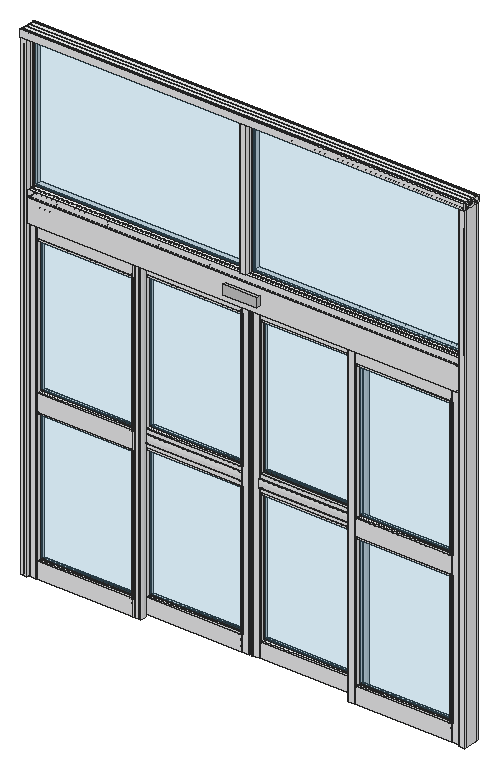
Revit family "2-5-16_Sliding-Door_TX9200SL_Bipart-Outside-Slide-w-Transom-O-SX-SX-O-w-Elec-Lock-Flush-Mnt-Exit-Panic-HW_Tormax", category Doors, host Wall, Revit 2026 (continued)
Automatic sketch dimensions
  Sweep 4 sketch curve to Sweep 4 sketch curve = 0' - 0.09038"
  Sweep 4 sketch curve to Sweep 4 sketch curve = 0' - 0.10049"  (x2)
  Sweep 4 sketch curve to Sweep 4 sketch curve = 0' - 0.137"
  Sweep 4 sketch curve to Sweep 4 sketch curve = 0' - 0.12489"  (x2)
  Sweep 4 sketch curve to Sweep 4 sketch curve = 0' - 0.1522"  (x2)
  Sweep 4 sketch curve to Sweep 4 sketch curve = 0' - 0.72471"  (x2)
  Sweep 4 sketch curve to Sweep 4 sketch curve = 0' - 0.01209"  (x2)
  Sweep 4 sketch curve to Sweep 4 sketch curve = 0' - 0.04643"  (x2)
  Sweep 4 sketch curve to Sweep 4 sketch curve = 0' - 0.05307"  (x2)
  Sweep 4 sketch curve to Sweep 4 sketch curve = 0' - 0.05852"  (x2)
  Sweep 4 sketch curve to Sweep 4 sketch curve = 0' - 0.04545"
  Sweep 4 sketch curve to Sweep 4 sketch curve = 0' - 0.04168"  (x3)
  Sweep 4 sketch curve to Sweep 4 sketch curve = 0' - 0.05619"
  Sweep 4 sketch curve to Sweep 4 sketch curve = 0' - 0.01074"
  Sweep 4 sketch curve to Sweep 4 sketch curve = 0' - 0"  (x3)
  Sweep 4 sketch curve to Sweep 4 sketch curve = 0' - 0.03079"  (x3)
  Sweep 4 sketch curve to Sweep 4 sketch curve = 0' - 0.01009"  (x2)
  Sweep 4 sketch curve to Sweep 4 sketch curve = 0' - 0.02159"
  Sweep 4 sketch curve to Sweep 4 sketch curve = 0' - 0.00194"  (x4)
  Sweep 4 sketch curve to Sweep 4 sketch curve = 0' - 0.0189"  (x4)
  Sweep 4 sketch curve to Sweep 4 sketch curve = 0' - 0.4818"
  Sweep 4 sketch curve to Sweep 4 sketch curve = 0' - 0.10192"  (x2)
  Sweep 4 sketch curve to Sweep 4 sketch curve = 0' - 0.09364"
  Sweep 4 sketch curve to Sweep 4 sketch curve = 0' - 0.36106"
  Sweep 4 sketch curve to Sweep 4 sketch curve = 0' - 0.35983"
  Sweep 4 sketch curve to Sweep 4 sketch curve = 0' - 0.03645"
  Sweep 4 sketch curve to Sweep 4 sketch curve = 0' - 0.03522"
  Sweep 4 sketch curve to Sweep 4 sketch curve = 0' - 0.06528"  (x3)
  Sweep 4 sketch curve to Sweep 4 sketch curve = 0' - 0.10172"
  Sweep 4 sketch curve to Sweep 4 sketch curve = 0' - 0.12477"  (x3)
  Sweep 4 sketch curve to Sweep 4 sketch curve = 0' - 0.04004"  (x2)
  Sweep 4 sketch curve to Sweep 4 sketch curve = 0' - 0.04199"  (x2)
  Sweep 4 sketch curve to Sweep 4 sketch curve = 0' - 0.09257"
  Sweep 4 sketch curve to Sweep 4 sketch curve = 0' - 0.09452"
  Sweep 4 sketch curve to Sweep 4 sketch curve = 0' - 0.12648"  (x2)
  Sweep 4 sketch curve to Sweep 4 sketch curve = 0' - 0.50765"
  Sweep 4 sketch curve to Sweep 4 sketch curve = 0' - 0.0074"
  Sweep 4 sketch curve to Sweep 4 sketch curve = 0' - 0.37695"  (x2)
  Sweep 4 sketch curve to Sweep 4 sketch curve = 0' - 0.01222"  (x2)
  Sweep 4 sketch curve to Sweep 4 sketch curve = 0' - 0.13085"  (x2)
  Sweep 4 sketch curve to Sweep 4 sketch curve = 0' - 0.03235"  (x2)
  Sweep 4 sketch curve to Sweep 4 sketch curve = 0' - 0.12472"  (x2)
  Sweep 4 sketch curve to Sweep 4 sketch curve = 0' - 0.04088"
  Sweep 4 sketch curve to Sweep 4 sketch curve = 0' - 0.13043"
  Sweep 5 sketch curve to plane 1 "Center (Front/Back)" = 0' - 0.72205"  (x2)
  Sweep 5 sketch curve to Sweep 5 sketch curve = 0' - 0.15082"  (x4)
  Sweep 5 sketch curve to Sweep 5 sketch curve = 0' - 0.06396"  (x4)
  plane 1 "Center (Front/Back)" to Sweep 5 sketch curve = 0' - 0.50727"  (x2)
  Sweep 5 sketch curve to Sweep 5 sketch curve = 0' - 0.05846"  (x3)
  Sweep 5 sketch curve to Sweep 5 sketch curve = 0' - 0"  (x3)
  Sweep 5 sketch curve to Sweep 5 sketch curve = 0' - 0.26615"  (x4)
  Sweep 6 sketch curve to plane 16 = 0' - 0"
  plane 17 to Sweep 6 sketch curve = 0' - 0"
  plane 1 "Center (Front/Back)" to Sweep 6 sketch curve = 0' - 1.93279"
  Sweep 6 sketch curve to profile plane = 0' - 6.37515"
  Sweep 6 sketch curve to Sweep 6 sketch curve = 0' - 0.02177"
  plane 1 "Center (Front/Back)" to Sweep 6 sketch curve = 0' - 2.09711"
  Sweep 6 sketch curve to Sweep 6 sketch curve = 0' - 0.01885"
  plane 1 "Center (Front/Back)" to Sweep 6 sketch curve = 0' - 1.99896"
  Sweep 6 sketch curve to Sweep 6 sketch curve = 0' - 0.05666"
  Sweep 6 sketch curve to Sweep 6 sketch curve = 0' - 0.01279"
  Sweep 6 sketch curve to Sweep 6 sketch curve = 0' - 0.01477"
  plane 1 "Center (Front/Back)" to Sweep 6 sketch curve = 0' - 1.80795"
  Sweep 6 sketch curve to Sweep 6 sketch curve = 0' - 0.12485"
  Sweep 6 sketch curve to Sweep 6 sketch curve = 0' - 0 1/8"  (x7)
  Sweep 6 sketch curve to Sweep 6 sketch curve = 0' - 0"  (x5)
  Sweep 6 sketch curve to Sweep 6 sketch curve = 0' - 0.29648"
  Sweep 6 sketch curve to Sweep 6 sketch curve = 0' - 0.12586"
  Sweep 6 sketch curve to Sweep 6 sketch curve = 0' - 0.17216"
  Sweep 6 sketch curve to Sweep 6 sketch curve = 0' - 0.62563"
  Sweep 6 sketch curve to Sweep 6 sketch curve = 0' - 0.15607"
  Sweep 6 sketch curve to Sweep 6 sketch curve = 0' - 0.03666"
  Sweep 6 sketch curve to plane 1 "Center (Front/Back)" = 0' - 0.5574"
  Sweep 6 sketch curve to Sweep 6 sketch curve = 0' - 0.4288"  (x2)
  plane 1 "Center (Front/Back)" to Sweep 6 sketch curve = 0' - 0.5574"
  plane 1 "Center (Front/Back)" to Sweep 6 sketch curve = 0' - 0.70193"
  Sweep 6 sketch curve to Sweep 6 sketch curve = 0' - 0.04334"  (x2)
  Sweep 6 sketch curve to plane 1 "Center (Front/Back)" = 0' - 0.70193"
  Sweep 6 sketch curve to Sweep 6 sketch curve = 0' - 0.02874"  (x2)
  Sweep 6 sketch curve to Sweep 6 sketch curve = 0' - 0.03"  (x2)
  Sweep 6 sketch curve to Sweep 6 sketch curve = 0' - 0.01117"
  plane 1 "Center (Front/Back)" to Sweep 6 sketch curve = 0' - 0.4768"
  Sweep 6 sketch curve to Sweep 6 sketch curve = 0' - 0.12598"  (x2)
  Sweep 6 sketch curve to plane 1 "Center (Front/Back)" = 0' - 0.4768"
  Sweep 6 sketch curve to Sweep 6 sketch curve = 0' - 0 9/256"  (x2)
  Sweep 6 sketch curve to plane 1 "Center (Front/Back)" = 0' - 0.81302"
  Sweep 6 sketch curve to Sweep 6 sketch curve = 0' - 0.01061"
  Sweep 6 sketch curve to plane 1 "Center (Front/Back)" = 0' - 0.1755"
  Sweep 6 sketch curve to Sweep 6 sketch curve = 0' - 0.05155"  (x2)
  plane 1 "Center (Front/Back)" to Sweep 6 sketch curve = 0' - 0.1755"
  Sweep 6 sketch curve to Sweep 6 sketch curve = 0' - 0.09638"
  plane 1 "Center (Front/Back)" to Sweep 6 sketch curve = 0' - 0.198"
  Sweep 6 sketch curve to Sweep 6 sketch curve = 0' - 0.03415"  (x2)
  Sweep 6 sketch curve to plane 1 "Center (Front/Back)" = 0' - 0.91763"
  Sweep 6 sketch curve to Sweep 6 sketch curve = 0' - 0.1046"
  plane 1 "Center (Front/Back)" to Sweep 6 sketch curve = 0' - 0.07676"
  Sweep 6 sketch curve to Sweep 6 sketch curve = 0' - 0.06597"  (x2)
  Sweep 6 sketch curve to plane 1 "Center (Front/Back)" = 0' - 0.07676"
  Sweep 6 sketch curve to Sweep 6 sketch curve = 0' - 0.01404"  (x4)
  Sweep 6 sketch curve to plane 1 "Center (Front/Back)" = 0' - 0.10524"
  plane 1 "Center (Front/Back)" to Sweep 6 sketch curve = 0' - 0.10524"
  Sweep 6 sketch curve to Sweep 6 sketch curve = 0' - 0.1111"
  Sweep 6 sketch curve to Sweep 6 sketch curve = 0' - 0.9814"
  Sweep 6 sketch curve to Sweep 6 sketch curve = 0' - 0.05012"
  Sweep 6 sketch curve to Sweep 6 sketch curve = 0' - 0.16615"  (x2)
  plane 1 "Center (Front/Back)" to Sweep 6 sketch curve = 0' - 0.89192"
  Sweep 6 sketch curve to Sweep 6 sketch curve = 0' - 0.03237"  (x2)
  Sweep 6 sketch curve to plane 1 "Center (Front/Back)" = 0' - 0.89192"
  Sweep 6 sketch curve to plane 1 "Center (Front/Back)" = 0' - 0.13464"
  Sweep 6 sketch curve to Sweep 6 sketch curve = 0' - 0 27/256"  (x2)
  plane 1 "Center (Front/Back)" to Sweep 6 sketch curve = 0' - 0.13464"
  Sweep 6 sketch curve to plane 1 "Center (Front/Back)" = 0' - 0.03765"
  Sweep 6 sketch curve to Sweep 6 sketch curve = 0' - 0.00691"
  plane 1 "Center (Front/Back)" to Sweep 6 sketch curve = 0' - 0.03765"
  Sweep 6 sketch curve to Sweep 6 sketch curve = 0' - 0.02047"  (x4)
  plane 1 "Center (Front/Back)" to Sweep 6 sketch curve = 0' - 0.06635"
  Sweep 6 sketch curve to plane 1 "Center (Front/Back)" = 0' - 0.06635"
  Sweep 6 sketch curve to Sweep 6 sketch curve = 0' - 0.34663"
  Sweep 6 sketch curve to Sweep 6 sketch curve = 0' - 0.24384"
  Sweep 6 sketch curve to Sweep 6 sketch curve = 0' - 0.03405"
  Sweep 6 sketch curve to Sweep 6 sketch curve = 0' - 0.07004"
  Sweep 6 sketch curve to Sweep 6 sketch curve = 0' - 0.71308"
  Sweep 6 sketch curve to Sweep 6 sketch curve = 0' - 0.06289"
  Sweep 6 sketch curve to Sweep 6 sketch curve = 0' - 0.01808"  (x2)
  Sweep 6 sketch curve to Sweep 6 sketch curve = 0' - 0.05878"
  Sweep 6 sketch curve to Sweep 6 sketch curve = 0' - 0.03581"  (x2)
  Sweep 6 sketch curve to Sweep 6 sketch curve = 0' - 0.00458"
  Sweep 6 sketch curve to Sweep 6 sketch curve = 0' - 0.06336"
  Sweep 6 sketch curve to Sweep 6 sketch curve = 0' - 0.06467"
  Sweep 6 sketch curve to Sweep 6 sketch curve = 0' - 0.12548"
  Sweep 6 sketch curve to Sweep 6 sketch curve = 0' - 0.07853"
  Sweep 6 sketch curve to Sweep 6 sketch curve = 0' - 1.12104"
  plane 1 "Center (Front/Back)" to Sweep 7 sketch curve = 0' - 0.10524"  (x2)
  Sweep 7 sketch curve to Sweep 7 sketch curve = 0' - 0.13999"
  Sweep 7 sketch curve to plane 1 "Center (Front/Back)" = 0' - 0.10524"  (x2)
  Sweep 7 sketch curve to Sweep 7 sketch curve = 0' - 0"  (x7)
  Sweep 7 sketch curve to Sweep 7 sketch curve = 0' - 0.01404"  (x8)
  Sweep 7 sketch curve to plane 1 "Center (Front/Back)" = 0' - 0.07676"  (x2)
  plane 1 "Center (Front/Back)" to Sweep 7 sketch curve = 0' - 0.07676"  (x2)
  Sweep 7 sketch curve to Sweep 7 sketch curve = 0' - 0.09406"  (x4)
  Sweep 7 sketch curve to plane 1 "Center (Front/Back)" = 0' - 0.198"
  plane 1 "Center (Front/Back)" to Sweep 7 sketch curve = 0' - 0.1755"  (x2)
  Sweep 7 sketch curve to Sweep 7 sketch curve = 0' - 0.03415"  (x4)
  Sweep 7 sketch curve to plane 1 "Center (Front/Back)" = 0' - 0.1755"  (x2)
  plane 1 "Center (Front/Back)" to Sweep 7 sketch curve = 0' - 0.4768"  (x2)
  Sweep 7 sketch curve to Sweep 7 sketch curve = 0' - 0.0857"  (x4)
  Sweep 7 sketch curve to plane 1 "Center (Front/Back)" = 0' - 0.4768"  (x2)
  Sweep 7 sketch curve to Sweep 7 sketch curve = 0' - 0.02391"  (x4)
  Sweep 7 sketch curve to Sweep 7 sketch curve = 0' - 0.03"  (x4)
  Sweep 7 sketch curve to plane 1 "Center (Front/Back)" = 0' - 0.70193"  (x2)
  Sweep 7 sketch curve to Sweep 7 sketch curve = 0' - 0.02874"  (x4)
  plane 1 "Center (Front/Back)" to Sweep 7 sketch curve = 0' - 0.70193"  (x2)
  Sweep 7 sketch curve to plane 1 "Center (Front/Back)" = 0' - 0.5574"  (x2)
  Sweep 7 sketch curve to Sweep 7 sketch curve = 0' - 0.10207"  (x4)
  plane 1 "Center (Front/Back)" to Sweep 7 sketch curve = 0' - 0.5574"  (x2)
  plane 1 "Center (Front/Back)" to Sweep 7 sketch curve = 0' - 0.198"  (x2)
  Sweep 7 sketch curve to Sweep 7 sketch curve = 0' - 0.16615"  (x4)
  plane 1 "Center (Front/Back)" to Sweep 7 sketch curve = 0' - 0.89192"  (x2)
  Sweep 7 sketch curve to Sweep 7 sketch curve = 0' - 0.03237"  (x7)
  Sweep 7 sketch curve to plane 1 "Center (Front/Back)" = 0' - 0.89192"  (x2)
  plane 1 "Center (Front/Back)" to Sweep 7 sketch curve = 0' - 0.13464"  (x2)
  Sweep 7 sketch curve to Sweep 7 sketch curve = 0' - 0 27/256"  (x4)
  Sweep 7 sketch curve to plane 1 "Center (Front/Back)" = 0' - 0.13464"  (x2)
  plane 1 "Center (Front/Back)" to Sweep 7 sketch curve = 0' - 0.03765"  (x2)
  Sweep 7 sketch curve to Sweep 7 sketch curve = 0' - 0.00691"
  Sweep 7 sketch curve to plane 1 "Center (Front/Back)" = 0' - 0.03765"  (x2)
  Sweep 7 sketch curve to Sweep 7 sketch curve = 0' - 0.02047"  (x8)
  Sweep 7 sketch curve to plane 1 "Center (Front/Back)" = 0' - 0.06635"  (x2)
  plane 1 "Center (Front/Back)" to Sweep 7 sketch curve = 0' - 0.06635"  (x2)
  plane 1 "Center (Front/Back)" to Sweep 7 sketch curve = 0' - 0.06492"  (x2)
  profile plane to Sweep 7 sketch curve = 0' - 1.04558"
  Sweep 7 sketch curve to plane 1 "Center (Front/Back)" = 0' - 0.06492"  (x2)
  Sweep 7 sketch curve to Sweep 7 sketch curve = 0' - 0.0204"  (x8)
  plane 1 "Center (Front/Back)" to Sweep 7 sketch curve = 0' - 0.03633"  (x2)
  Sweep 7 sketch curve to plane 1 "Center (Front/Back)" = 0' - 0.03633"  (x2)
  Sweep 7 sketch curve to plane 1 "Center (Front/Back)" = 0' - 0.13295"  (x2)
  Sweep 7 sketch curve to Sweep 7 sketch curve = 0' - 0.04768"  (x2)
  plane 1 "Center (Front/Back)" to Sweep 7 sketch curve = 0' - 0.13295"  (x2)
  Sweep 7 sketch curve to plane 1 "Center (Front/Back)" = 0' - 0.14301"  (x2)
  Sweep 7 sketch curve to Sweep 7 sketch curve = 0' - 0.06787"  (x4)
  plane 1 "Center (Front/Back)" to Sweep 7 sketch curve = 0' - 0.14301"  (x2)
  Sweep 7 sketch curve to Sweep 7 sketch curve = 0' - 0.0293"  (x2)
  profile plane to Sweep 7 sketch curve = 0' - 0.86836"
  Sweep 7 sketch curve to Sweep 7 sketch curve = 0' - 0.10198"  (x4)
  Sweep 7 sketch curve to Sweep 7 sketch curve = 0' - 0 1/16"  (x4)
  Sweep 7 sketch curve to plane 1 "Center (Front/Back)" = 0' - 0.10366"  (x2)
  Sweep 7 sketch curve to Sweep 7 sketch curve = 0' - 0.10072"  (x4)
  plane 1 "Center (Front/Back)" to Sweep 7 sketch curve = 0' - 0.10366"  (x2)
  Sweep 7 sketch curve to Sweep 7 sketch curve = 0' - 0.01399"  (x8)
  plane 1 "Center (Front/Back)" to Sweep 7 sketch curve = 0' - 0.07529"  (x2)
  Sweep 7 sketch curve to plane 1 "Center (Front/Back)" = 0' - 0.07529"  (x2)
  Sweep 7 sketch curve to Sweep 7 sketch curve = 0' - 0.0937"  (x2)
  Sweep 7 sketch curve to plane 1 "Center (Front/Back)" = 0' - 0.17365"  (x2)
  Sweep 7 sketch curve to Sweep 7 sketch curve = 0' - 0.03402"  (x4)
  plane 1 "Center (Front/Back)" to Sweep 7 sketch curve = 0' - 0.17365"  (x2)
  Sweep 7 sketch curve to Sweep 7 sketch curve = 0' - 0.24408"  (x4)
  Sweep 7 sketch curve to Sweep 7 sketch curve = 0' - 0.02726"  (x2)
  Sweep 7 sketch curve to Sweep 7 sketch curve = 0' - 0.06859"  (x3)
  Sweep 7 sketch curve to Sweep 7 sketch curve = 0' - 0.09586"  (x3)
  Sweep 7 sketch curve to Sweep 7 sketch curve = 0' - 0.2011"  (x3)
  Sweep 7 sketch curve to Sweep 7 sketch curve = 0' - 0.0797"  (x6)
  Sweep 7 sketch curve to profile plane = 0' - 0.18513"
  Sweep 7 sketch curve to Sweep 7 sketch curve = 0' - 0.06509"
  Sweep 7 sketch curve to Sweep 7 sketch curve = 0' - 0.06572"  (x2)
  Sweep 7 sketch curve to Sweep 7 sketch curve = 0' - 0.00689"
  Sweep 7 sketch curve to Sweep 7 sketch curve = 0' - 0.17947"
  Sweep 7 sketch curve to Sweep 7 sketch curve = 0' - 0.04786"  (x2)
  Sweep 7 sketch curve to Sweep 7 sketch curve = 0' - 0.76699"  (x2)
  Sweep 7 sketch curve to Sweep 7 sketch curve = 0' - 0.01808"  (x8)
  Sweep 7 sketch curve to Sweep 7 sketch curve = 0' - 0.0219"  (x3)
  Sweep 7 sketch curve to Sweep 7 sketch curve = 0' - 1.24056"  (x2)
  Sweep 7 sketch curve to Sweep 7 sketch curve = 0' - 0.06211"  (x2)
  Sweep 7 sketch curve to Sweep 7 sketch curve = 0' - 0.09757"  (x2)
  Sweep 7 sketch curve to Sweep 7 sketch curve = 0' - 0.03581"  (x3)
  Sweep 7 sketch curve to Sweep 7 sketch curve = 0' - 0.20052"  (x4)
  Sweep 7 sketch curve to Sweep 7 sketch curve = 0' - 0.06336"
  Sweep 7 sketch curve to Sweep 7 sketch curve = 0' - 0.05306"  (x2)
  plane 1 "Center (Front/Back)" to Sweep 7 sketch curve = 0' - 0.07154"  (x2)
  Sweep 7 sketch curve to Sweep 7 sketch curve = 0' - 0.35804"  (x2)
  Sweep 7 sketch curve to Sweep 7 sketch curve = 0' - 0.23442"
  Sweep 7 sketch curve to Sweep 7 sketch curve = 0' - 0.05759"  (x2)
  Sweep 9 sketch curve to plane 1 "Center (Front/Back)" = 0' - 0.06635"
  plane 1 "Center (Front/Back)" to Sweep 9 sketch curve = 0' - 0.06635"
  Sweep 9 sketch curve to Sweep 9 sketch curve = 0' - 0"  (x4)
  Sweep 9 sketch curve to Sweep 9 sketch curve = 0' - 0.02047"  (x4)
  Sweep 9 sketch curve to plane 1 "Center (Front/Back)" = 0' - 0.03765"
  plane 1 "Center (Front/Back)" to Sweep 9 sketch curve = 0' - 0.03765"
  plane 1 "Center (Front/Back)" to Sweep 9 sketch curve = 0' - 0.13464"
  Sweep 9 sketch curve to Sweep 9 sketch curve = 0' - 0.04786"  (x2)
  Sweep 9 sketch curve to plane 1 "Center (Front/Back)" = 0' - 0.13464"
  Sweep 9 sketch curve to plane 1 "Center (Front/Back)" = 0' - 0.89192"
  Sweep 9 sketch curve to Sweep 9 sketch curve = 0' - 0.09924"
  plane 1 "Center (Front/Back)" to Sweep 9 sketch curve = 0' - 0.89192"
  plane 1 "Center (Front/Back)" to Sweep 9 sketch curve = 0' - 0.198"
  Sweep 9 sketch curve to Sweep 9 sketch curve = 0' - 0 27/256"  (x2)
  Sweep 9 sketch curve to plane 1 "Center (Front/Back)" = 0' - 0.198"
  Sweep 9 sketch curve to Sweep 9 sketch curve = 0' - 0.03237"  (x2)
  Sweep 9 sketch curve to Sweep 9 sketch curve = 0' - 0.08"  (x12)
  Sweep 9 sketch curve to Sweep 9 sketch curve = 0' - 0.05043"  (x2)
  Sweep 9 sketch curve to plane 1 "Center (Front/Back)" = 0' - 0.10524"
  Sweep 9 sketch curve to Sweep 9 sketch curve = 0' - 0.16615"  (x2)
  plane 1 "Center (Front/Back)" to Sweep 9 sketch curve = 0' - 0.10524"
  Sweep 9 sketch curve to Sweep 9 sketch curve = 0' - 0.01404"  (x4)
  Sweep 9 sketch curve to plane 1 "Center (Front/Back)" = 0' - 0.07676"
  plane 1 "Center (Front/Back)" to Sweep 9 sketch curve = 0' - 0.07676"
  Sweep 9 sketch curve to Sweep 9 sketch curve = 0' - 0.13772"  (x2)
  Sweep 9 sketch curve to Sweep 9 sketch curve = 0' - 0.09406"  (x2)
  Sweep 9 sketch curve to plane 1 "Center (Front/Back)" = 0' - 2.13309"
  Sweep 9 sketch curve to Sweep 9 sketch curve = 0' - 0.11387"  (x2)
  plane 1 "Center (Front/Back)" to Sweep 9 sketch curve = 0' - 2.13309"
  Sweep 9 sketch curve to Sweep 9 sketch curve = 0' - 0.11957"  (x2)
  plane 1 "Center (Front/Back)" to Sweep 9 sketch curve = 0' - 0.1755"
  Sweep 9 sketch curve to Sweep 9 sketch curve = 0' - 0.03415"  (x2)
  Sweep 9 sketch curve to plane 1 "Center (Front/Back)" = 0' - 0.1755"
  Sweep 9 sketch curve to Sweep 9 sketch curve = 0' - 0.09078"  (x2)
  plane 1 "Center (Front/Back)" to Sweep 9 sketch curve = 0' - 0.83751"
  Sweep 9 sketch curve to Sweep 9 sketch curve = 0' - 0.00708"  (x2)
  Sweep 9 sketch curve to plane 1 "Center (Front/Back)" = 0' - 0.83751"
  plane 1 "Center (Front/Back)" to Sweep 9 sketch curve = 0' - 0.4768"
  Sweep 9 sketch curve to Sweep 9 sketch curve = 0' - 0.01124"  (x2)
  Sweep 9 sketch curve to plane 1 "Center (Front/Back)" = 0' - 0.4768"
  Sweep 9 sketch curve to Sweep 9 sketch curve = 0' - 0 9/256"  (x2)
  Sweep 9 sketch curve to plane 1 "Center (Front/Back)" = 0' - 2.09227"
  Sweep 9 sketch curve to Sweep 9 sketch curve = 0' - 0.11476"  (x2)
  plane 1 "Center (Front/Back)" to Sweep 9 sketch curve = 0' - 2.09227"
  Sweep 9 sketch curve to Sweep 9 sketch curve = 0' - 0.01197"  (x4)
  Sweep 9 sketch curve to Sweep 9 sketch curve = 0' - 0.03"  (x2)
  Sweep 9 sketch curve to plane 1 "Center (Front/Back)" = 0' - 2.15805"
  plane 1 "Center (Front/Back)" to Sweep 9 sketch curve = 0' - 2.15805"
  plane 1 "Center (Front/Back)" to Sweep 9 sketch curve = 0' - 0.70193"
  Sweep 9 sketch curve to Sweep 9 sketch curve = 0' - 0.02874"  (x2)
  Sweep 9 sketch curve to plane 1 "Center (Front/Back)" = 0' - 0.70193"
  plane 1 "Center (Front/Back)" to Sweep 9 sketch curve = 0' - 0.5574"
  Sweep 9 sketch curve to Sweep 9 sketch curve = 0' - 0.10207"  (x2)
  Sweep 9 sketch curve to plane 1 "Center (Front/Back)" = 0' - 0.5574"
  Sweep 9 sketch curve to Sweep 9 sketch curve = 0' - 0.58177"
  Sweep 9 sketch curve to Sweep 9 sketch curve = 0' - 1.2245"
  Sweep 9 sketch curve to Sweep 9 sketch curve = 0' - 0 1/8"  (x2)
  Sweep 9 sketch curve to Sweep 9 sketch curve = 0' - 0.11691"  (x2)
  Sweep 9 sketch curve to Sweep 9 sketch curve = 0' - 0.095"  (x2)
  Sweep 9 sketch curve to Sweep 9 sketch curve = 0' - 0.22"  (x2)
  Sweep 9 sketch curve to Sweep 9 sketch curve = 0' - 0 3/8"
  Sweep 9 sketch curve to Sweep 9 sketch curve = 0' - 0.09794"  (x2)
  Sweep 9 sketch curve to Sweep 9 sketch curve = 0' - 0.01808"  (x2)
  Sweep 9 sketch curve to Sweep 9 sketch curve = 0' - 0.03581"  (x2)
  Sweep 9 sketch curve to plane 1 "Center (Front/Back)" = 0' - 0.58"
  plane 1 "Center (Front/Back)" to Sweep 9 sketch curve = 0' - 0 1/2"
  Sweep 9 sketch curve to Sweep 9 sketch curve = 0' - 0.06419"
  Sweep 9 sketch curve to Sweep 9 sketch curve = 0' - 1.05249"
Nested families (in)
  nested 1: "Door-Sliding-Tormax-Panel-Exit_Panic-O" at (-43.03033, -0.84, 0), type "Door-Sliding-Tormax-Panel-Exit_Panic-O"
    with Width 2' - 6 7/16"
  nested 2: "Door-Sliding-Tormax-Panel-Exit_Panic-SX" at (-15.4375, 1.433, 0), type "Door-Sliding-Tormax-Panel-Exit_Panic-SX"
  nested 3: "Door-Sliding-Tormax-Panel-Exit_Panic-SX" at (15.4375, 1.433, 0) x (-1, 0, 0) z (0, 0, 1), type "Door-Sliding-Tormax-Panel-Exit_Panic-SX"
  nested 4: "Door-Sliding-Tormax-Panel-Exit_Panic-O" at (43.03033, -0.84, 0) x (-1, 0, 0) z (0, 0, 1), type "Door-Sliding-Tormax-Panel-Exit_Panic-O"
    with Width 2' - 6 7/16"
Definition of nested family "Door-Sliding-Tormax-Panel-Exit_Panic-O"
  Parameters (values of type "Door-Sliding-Tormax-Panel-Exit_Panic-O")
    Width = 4' - 5 9/16"
    Thickness = 0' - 1.82"  # constant formula
    Height = 7' - 1 1/2"
    Glass = none
    Door Frame = none
    Define Thermal Properties by = 1
    Default Elevation = 0' - 0"
    Analytic Construction = "<None>"
  Reference planes (in)
    plane 1 "Center (Front/Back)": y = 0
    plane 2: z = 0
    plane 3 "Center (Left/Right)": x = 0
    plane 4: z = 85.5
    plane 5: z = 42.75
    plane 6: y = 0.12483
    plane 7: y = -0.12517
    plane 8: y = -0.91
    plane 9: y = 0.91
    plane 10: x = -26.78125
    plane 11: x = 26.78125
    plane 12: x = -24.65625
    plane 13: x = 24.65625
    plane 14: z = 45
    plane 15: z = 40.5
    plane 16: z = 82.40625
    plane 17: z = 85.40625
    plane 18: z = 4.3125
  Forms (in)
    Sweep 1, solid, material <- "Door Frame"
      path origin (0, 0, 0) x (1, 0, 0) y (0, 0, 1)
        loop
          line (-26.78125, 0) -> (-26.78125, 85.40625)
      profile origin (-26.78125, 0, 42.70312) x (-1, 0, 0) y (0, -1, 0)
        loop
          line (0, -0.91) -> (0, -0.765) -> (-0.25, -0.765) -> (-0.25, 0.765) -> (0, 0.765) -> (0, 0.91) -> (-2.125, 0.91) -> (-2.125, 0.70839) -> (-2.00861, 0.77559) -> (-1.969, 0.77559) -> (-1.969, -0.77559) -> (-2.00861, -0.77559) -> (-2.125, -0.70839) -> (-2.125, -0.91) -> (0, -0.91)
        loop
          line (-0.375, -0.765) -> (-0.375, 0.765) -> (-1.844, 0.765) -> (-1.844, -0.765) -> (-0.375, -0.765)
    Sweep 2, solid, material <- "Door Frame"
      path origin (0, 0, 0) x (1, 0, 0) y (0, 0, 1)
        loop
          line (-24.65625, 0) -> (24.65625, 0)
      profile origin (0, 0, 0) x (0, 0, 1) y (0, -1, 0)
        loop
          line (0, -0.91) -> (0.18793, -0.91) -> (0.18793, 0.78451) -> (0.91018, 0.78451) -> (0.91018, 0.31654) -> (1.33419, 0.31654) -> (1.33419, -0.31896) -> (0.91018, -0.31896) -> (0.91018, -0.91) -> (1.31299, -0.91) -> (1.31299, -0.8749) -> (4.3125, -0.8749) -> (4.3125, -0.70921) -> (4.20607, -0.77066) -> (4.1581, -0.77066) -> (4.1581, 0.77066) -> (4.20607, 0.77066) -> (4.3125, 0.70921) -> (4.3125, 0.8749) -> (0, 0.8749) -> (0, -0.91)
        loop
          line (4.03195, -0.71919) -> (4.03195, 0.71919) -> (3.72279, 0.71919) -> (3.72279, 0.75305) -> (3.39625, 0.75305) -> (3.39625, 0.71919) -> (3.08216, 0.71919) -> (3.08216, 0.37504) -> (2.93823, 0.37504) -> (2.93823, -0.37628) -> (3.08216, -0.37628) -> (3.08216, -0.71919) -> (3.39625, -0.71919) -> (3.39625, -0.75305) -> (3.72279, -0.75305) -> (3.72279, -0.71919) -> (4.03195, -0.71919)
        loop
          line (2.81306, -0.74999) -> (2.81306, 0.74911) -> (1.78489, 0.74911) -> (1.78489, 0.13781) -> (1.72241, 0.13781) -> (1.72241, 0.27206) -> (1.58242, 0.27206) -> (1.58242, 0.16548) -> (1.51503, 0.16548) -> (1.51503, -0.16539) -> (1.58242, -0.16539) -> (1.58242, -0.27209) -> (1.72241, -0.27209) -> (1.72241, -0.13788) -> (1.78489, -0.13788) -> (1.78489, -0.29096)
          arc (1.78489, -0.29096) -> (1.65044, -0.61555) -> (1.32586, -0.74999) r 0.45903
          line (1.32586, -0.74999) -> (2.81306, -0.74999)
        loop
          line (45, -0.875) -> (45, -0.70777) -> (44.8905, -0.77099) -> (44.844, -0.77099) -> (44.844, 0.77099) -> (44.8905, 0.77099) -> (45, 0.70777) -> (45, 0.875) -> (40.5, 0.875) -> (40.5, 0.70777) -> (40.6095, 0.77099) -> (40.656, 0.77099) -> (40.656, -0.77099) -> (40.6095, -0.77099) -> (40.5, -0.70777) -> (40.5, -0.875) -> (45, -0.875)
        loop
          line (85.40625, 0.8749) -> (82.40625, 0.8749) -> (82.40625, 0.70921) -> (82.51268, 0.77066) -> (82.56065, 0.77066) -> (82.56065, -0.77066) -> (82.51268, -0.77066) -> (82.40625, -0.70921) -> (82.40625, -0.8749) -> (85.40625, -0.8749) -> (85.40625, -0.74999) -> (83.90569, -0.74999) -> (83.90569, 0.74911) -> (85.40625, 0.74911) -> (85.40625, 0.8749)
        loop
          line (82.6868, -0.71919) -> (82.99596, -0.71919) -> (82.99596, -0.75305) -> (83.3225, -0.75305) -> (83.3225, -0.71919) -> (83.63659, -0.71919) -> (83.63659, -0.37628) -> (83.78052, -0.37628) -> (83.78052, 0.37504) -> (83.63659, 0.37504) -> (83.63659, 0.71919) -> (83.3225, 0.71919) -> (83.3225, 0.75305) -> (82.99596, 0.75305) -> (82.99596, 0.71919) -> (82.6868, 0.71919) -> (82.6868, -0.71919)
        loop
          line (44.744, 0.775) -> (40.756, 0.775) -> (40.756, -0.775) -> (44.744, -0.775) -> (44.744, 0.775)
    Sweep 3, solid, material <- "Door Frame"
      path origin (0, 0, 0) x (1, 0, 0) y (0, 0, 1)
        loop
          line (26.78125, 0) -> (26.78125, 85.40625)
      profile origin (26.78125, 0, 42.70313) x (-1, 0, 0) y (0, -1, 0)
        loop
          line (2.125, -0.91) -> (2.125, -0.70835) -> (2.02717, -0.76483) -> (1.969, -0.76483) -> (1.969, 0.76483) -> (2.02775, 0.76483) -> (2.125, 0.70869) -> (2.125, 0.91) -> (0.5, 0.91) -> (0.5, 0.87519) -> (0.13218, 0.87519)
          arc (0.13218, 0.87519) -> (0, 0) -> (0.13218, -0.87519) r 2.96345
          line (0.13218, -0.87519) -> (0.5, -0.87519) -> (0.5, -0.91) -> (2.125, -0.91)
        loop
          line (1.844, -0.76483) -> (1.844, 0.76517) -> (0.781, 0.76517) -> (0.781, -0.76483) -> (1.844, -0.76483)
        loop
          line (0.656, 0.76483) -> (0.59725, 0.76483) -> (0.5, 0.70869) -> (0.446, 0.70869) -> (0.446, 0.82119) -> (0.17229, 0.82119)
          arc (0.17229, 0.82119) -> (0.054, 0) -> (0.17229, -0.82119) r 2.90945
          line (0.17229, -0.82119) -> (0.446, -0.82119) -> (0.446, -0.70835) -> (0.5, -0.70835) -> (0.59783, -0.76483) -> (0.656, -0.76483) -> (0.656, 0.76483)
    Sweep 4, solid, material <- "Door Frame"
      path origin (0, 0, 0) x (1, 0, 0) y (0, 0, 1)
        loop
          line (0, 4.3125) -> (0, 40.5)
      profile origin (0, 0, 22.40625) x (-1, 0, 0) y (0, -1, 0)
        loop
          line (-24.65625, -0.87481) -> (-24.15645, -0.87481) -> (-24.15645, -0.20955) -> (-24.12159, -0.20955) -> (-24.06046, -0.09459) -> (-24.08245, -0.07259) -> (-24.15436, -0.12483) -> (-24.36418, -0.12483) -> (-24.36418, -0.20955) -> (-24.5318, -0.20955) -> (-24.5318, -0.13997) -> (-24.61845, -0.13997) -> (-24.61845, 0.13997) -> (-24.5318, 0.13997) -> (-24.5318, 0.20955) -> (-24.36418, 0.20955) -> (-24.36418, 0.12483) -> (-24.15436, 0.12483) -> (-24.08245, 0.07259) -> (-24.06046, 0.09459) -> (-24.12159, 0.20955) -> (-24.15645, 0.20955) -> (-24.15645, 0.87481) -> (-24.65625, 0.87481) -> (-24.65625, 0.66561) -> (-24.75597, 0.66561) -> (-24.75597, 0.76483) -> (-24.80597, 0.76483) -> (-24.80597, 0.6157) -> (-24.69998, 0.6157) -> (-24.57594, 0.49166) -> (-24.57594, 0.32983)
          arc (-24.57594, 0.32983) -> (-24.64136, 0.30274) -> (-24.66845, 0.23732) r 0.09251
          line (-24.66845, 0.23732) -> (-24.66845, 0.1901) -> (-24.81225, 0.1901) -> (-24.81225, 0.13997) -> (-24.66845, 0.13997) -> (-24.66845, -0.13997) -> (-24.81225, -0.13997) -> (-24.81225, -0.1901) -> (-24.68146, -0.1901) -> (-24.68146, -0.25955) -> (-24.46359, -0.25955) -> (-24.46359, -0.4032) -> (-24.20611, -0.4032) -> (-24.20611, -0.8251) -> (-24.60608, -0.8251) -> (-24.60608, -0.65698) -> (-24.72056, -0.65698) -> (-24.72056, -0.70698) -> (-24.65625, -0.70698) -> (-24.65625, -0.87481)
        loop
          line (-24.55619, 0.8251) -> (-24.55619, 0.74143) -> (-24.62235, 0.74143) -> (-24.62235, 0.67847) -> (-24.52594, 0.58206) -> (-24.52594, 0.25099) -> (-24.46359, 0.25099) -> (-24.46359, 0.4032) -> (-24.20611, 0.4032) -> (-24.20611, 0.8251) -> (-24.55619, 0.8251)
        loop
          line (24.65625, -0.87481) -> (24.65625, -0.70698) -> (24.72056, -0.70698) -> (24.72056, -0.65698) -> (24.60608, -0.65698) -> (24.60608, -0.8251) -> (24.20611, -0.8251) -> (24.20611, -0.4032) -> (24.46359, -0.4032) -> (24.46359, -0.25955) -> (24.68146, -0.25955) -> (24.68146, -0.1901) -> (24.81225, -0.1901) -> (24.81225, -0.13997) -> (24.66845, -0.13997) -> (24.66845, 0.13997) -> (24.81225, 0.13997) -> (24.81225, 0.1901) -> (24.66845, 0.1901) -> (24.66845, 0.23732)
          arc (24.66845, 0.23732) -> (24.64136, 0.30274) -> (24.57594, 0.32983) r 0.09251
          line (24.57594, 0.32983) -> (24.57594, 0.49166) -> (24.69998, 0.6157) -> (24.80597, 0.6157) -> (24.80597, 0.76483) -> (24.75597, 0.76483) -> (24.75597, 0.66561) -> (24.65625, 0.66561) -> (24.65625, 0.87481) -> (24.15645, 0.87481) -> (24.15645, 0.20955) -> (24.12159, 0.20955) -> (24.06046, 0.09459) -> (24.08245, 0.07259) -> (24.15436, 0.12483) -> (24.36418, 0.12483) -> (24.36418, 0.20955) -> (24.5318, 0.20955) -> (24.5318, 0.13997) -> (24.61845, 0.13997) -> (24.61845, -0.13997) -> (24.5318, -0.13997) -> (24.5318, -0.20955) -> (24.36418, -0.20955) -> (24.36418, -0.12483) -> (24.15436, -0.12483) -> (24.08245, -0.07259) -> (24.06046, -0.09459) -> (24.12159, -0.20955) -> (24.15645, -0.20955) -> (24.15645, -0.87481) -> (24.65625, -0.87481)
        loop
          line (24.55619, 0.8251) -> (24.20611, 0.8251) -> (24.20611, 0.4032) -> (24.46359, 0.4032) -> (24.46359, 0.25099) -> (24.52594, 0.25099) -> (24.52594, 0.58206) -> (24.62235, 0.67847) -> (24.62235, 0.74143) -> (24.55619, 0.74143) -> (24.55619, 0.8251)
    Extrusion 5, solid, material <- "Glass"
      sketch origin (0, 0, 0) x (1, 0, 0) y (0, 1, 0)
        loop
          line (-24.36418, 0.12483) -> (-24.36418, -0.12517) -> (24.36418, -0.12517) -> (24.36418, 0.12483) -> (-24.36418, 0.12483)
      from 4.60457 to 40.20793
    Sweep 6, solid, material <- "Door Frame"
      path origin (0, 0, 0) x (1, 0, 0) y (0, 0, 1)
        loop
          line (-24.15645, 42.75) -> (24.15645, 42.75)
      profile origin (0, 0, 42.75) x (0, 0, 1) y (0, -1, 0)
        loop
          line (-38.4375, 0.87481) -> (-38.4375, 0.70698) -> (-38.50181, 0.70698) -> (-38.50181, 0.65698) -> (-38.38733, 0.65698) -> (-38.38733, 0.8251) -> (-37.98736, 0.8251) -> (-37.98736, 0.4032) -> (-38.24484, 0.4032) -> (-38.24484, 0.25955) -> (-38.46271, 0.25955) -> (-38.46271, 0.1901) -> (-38.5935, 0.1901) -> (-38.5935, 0.13997) -> (-38.4497, 0.13997) -> (-38.4497, -0.13997) -> (-38.5935, -0.13997) -> (-38.5935, -0.1901) -> (-38.4497, -0.1901) -> (-38.4497, -0.23732)
          arc (-38.4497, -0.23732) -> (-38.42261, -0.30274) -> (-38.35719, -0.32983) r 0.09251
          line (-38.35719, -0.32983) -> (-38.35719, -0.49166) -> (-38.48123, -0.6157) -> (-38.58722, -0.6157) -> (-38.58722, -0.76483) -> (-38.53722, -0.76483) -> (-38.53722, -0.66561) -> (-38.4375, -0.66561) -> (-38.4375, -0.87481) -> (-37.9377, -0.87481) -> (-37.9377, -0.20955) -> (-37.90284, -0.20955) -> (-37.84171, -0.09459) -> (-37.8637, -0.07259) -> (-37.93561, -0.12483) -> (-38.14543, -0.12483) -> (-38.14543, -0.20955) -> (-38.31305, -0.20955) -> (-38.31305, -0.13997) -> (-38.3997, -0.13997) -> (-38.3997, 0.13997) -> (-38.31305, 0.13997) -> (-38.31305, 0.20955) -> (-38.14543, 0.20955) -> (-38.14543, 0.12483) -> (-37.93561, 0.12483) -> (-37.8637, 0.07259) -> (-37.84171, 0.09459) -> (-37.90284, 0.20955) -> (-37.9377, 0.20955) -> (-37.9377, 0.87481) -> (-38.4375, 0.87481)
        loop
          line (-38.33744, -0.8251) -> (-37.98736, -0.8251) -> (-37.98736, -0.4032) -> (-38.24484, -0.4032) -> (-38.24484, -0.25099) -> (-38.30719, -0.25099) -> (-38.30719, -0.58206) -> (-38.4036, -0.67847) -> (-38.4036, -0.74143) -> (-38.33744, -0.74143) -> (-38.33744, -0.8251)
        loop
          line (-2.25, 0.87481) -> (-2.7498, 0.87481) -> (-2.7498, 0.20955) -> (-2.78466, 0.20955) -> (-2.84579, 0.09459) -> (-2.8238, 0.07259) -> (-2.75189, 0.12483) -> (-2.54207, 0.12483) -> (-2.54207, 0.20955) -> (-2.37445, 0.20955) -> (-2.37445, 0.13997) -> (-2.2878, 0.13997) -> (-2.2878, -0.13997) -> (-2.37445, -0.13997) -> (-2.37445, -0.20955) -> (-2.54207, -0.20955) -> (-2.54207, -0.12483) -> (-2.75189, -0.12483) -> (-2.8238, -0.07259) -> (-2.84579, -0.09459) -> (-2.78466, -0.20955) -> (-2.7498, -0.20955) -> (-2.7498, -0.87481) -> (-2.25, -0.87481) -> (-2.25, -0.66561) -> (-2.15028, -0.66561) -> (-2.15028, -0.76483) -> (-2.10028, -0.76483) -> (-2.10028, -0.6157) -> (-2.20627, -0.6157) -> (-2.33031, -0.49166) -> (-2.33031, -0.32983)
          arc (-2.33031, -0.32983) -> (-2.26489, -0.30274) -> (-2.2378, -0.23732) r 0.09251
          line (-2.2378, -0.23732) -> (-2.2378, -0.1901) -> (-2.094, -0.1901) -> (-2.094, -0.13997) -> (-2.2378, -0.13997) -> (-2.2378, 0.13997) -> (-2.094, 0.13997) -> (-2.094, 0.1901) -> (-2.22479, 0.1901) -> (-2.22479, 0.25955) -> (-2.44266, 0.25955) -> (-2.44266, 0.4032) -> (-2.70014, 0.4032) -> (-2.70014, 0.8251) -> (-2.30017, 0.8251) -> (-2.30017, 0.65698) -> (-2.18569, 0.65698) -> (-2.18569, 0.70698) -> (-2.25, 0.70698) -> (-2.25, 0.87481)
        loop
          line (-2.35006, -0.8251) -> (-2.35006, -0.74143) -> (-2.2839, -0.74143) -> (-2.2839, -0.67847) -> (-2.38031, -0.58206) -> (-2.38031, -0.25099) -> (-2.44266, -0.25099) -> (-2.44266, -0.4032) -> (-2.70014, -0.4032) -> (-2.70014, -0.8251) -> (-2.35006, -0.8251)
        loop
          line (2.25, 0.87481) -> (2.25, 0.70698) -> (2.18569, 0.70698) -> (2.18569, 0.65698) -> (2.30017, 0.65698) -> (2.30017, 0.8251) -> (2.70014, 0.8251) -> (2.70014, 0.4032) -> (2.44266, 0.4032) -> (2.44266, 0.25955) -> (2.22479, 0.25955) -> (2.22479, 0.1901) -> (2.094, 0.1901) -> (2.094, 0.13997) -> (2.2378, 0.13997) -> (2.2378, -0.13997) -> (2.094, -0.13997) -> (2.094, -0.1901) -> (2.2378, -0.1901) -> (2.2378, -0.23732)
          arc (2.2378, -0.23732) -> (2.26489, -0.30274) -> (2.33031, -0.32983) r 0.09251
          line (2.33031, -0.32983) -> (2.33031, -0.49166) -> (2.20627, -0.6157) -> (2.10028, -0.6157) -> (2.10028, -0.76483) -> (2.15028, -0.76483) -> (2.15028, -0.66561) -> (2.25, -0.66561) -> (2.25, -0.87481) -> (2.7498, -0.87481) -> (2.7498, -0.20955) -> (2.78466, -0.20955) -> (2.84579, -0.09459) -> (2.8238, -0.07259) -> (2.75189, -0.12483) -> (2.54207, -0.12483) -> (2.54207, -0.20955) -> (2.37445, -0.20955) -> (2.37445, -0.13997) -> (2.2878, -0.13997) -> (2.2878, 0.13997) -> (2.37445, 0.13997) -> (2.37445, 0.20955) -> (2.54207, 0.20955) -> (2.54207, 0.12483) -> (2.75189, 0.12483) -> (2.8238, 0.07259) -> (2.84579, 0.09459) -> (2.78466, 0.20955) -> (2.7498, 0.20955) -> (2.7498, 0.87481) -> (2.25, 0.87481)
        loop
          line (2.35006, -0.8251) -> (2.70014, -0.8251) -> (2.70014, -0.4032) -> (2.44266, -0.4032) -> (2.44266, -0.25099) -> (2.38031, -0.25099) -> (2.38031, -0.58206) -> (2.2839, -0.67847) -> (2.2839, -0.74143) -> (2.35006, -0.74143) -> (2.35006, -0.8251)
        loop
          line (39.65625, 0.87481) -> (39.15645, 0.87481) -> (39.15645, 0.20955) -> (39.12159, 0.20955) -> (39.06046, 0.09459) -> (39.08245, 0.07259) -> (39.15436, 0.12483) -> (39.36418, 0.12483) -> (39.36418, 0.20955) -> (39.5318, 0.20955) -> (39.5318, 0.13997) -> (39.61845, 0.13997) -> (39.61845, -0.13997) -> (39.5318, -0.13997) -> (39.5318, -0.20955) -> (39.36418, -0.20955) -> (39.36418, -0.12483) -> (39.15436, -0.12483) -> (39.08245, -0.07259) -> (39.06046, -0.09459) -> (39.12159, -0.20955) -> (39.15645, -0.20955) -> (39.15645, -0.87481) -> (39.65625, -0.87481) -> (39.65625, -0.66561) -> (39.75597, -0.66561) -> (39.75597, -0.76483) -> (39.80597, -0.76483) -> (39.80597, -0.6157) -> (39.69998, -0.6157) -> (39.57594, -0.49166) -> (39.57594, -0.32983)
          arc (39.57594, -0.32983) -> (39.64136, -0.30274) -> (39.66845, -0.23732) r 0.09251
          line (39.66845, -0.23732) -> (39.66845, -0.1901) -> (39.81225, -0.1901) -> (39.81225, -0.13997) -> (39.66845, -0.13997) -> (39.66845, 0.13997) -> (39.81225, 0.13997) -> (39.81225, 0.1901) -> (39.68146, 0.1901) -> (39.68146, 0.25955) -> (39.46359, 0.25955) -> (39.46359, 0.4032) -> (39.20611, 0.4032) -> (39.20611, 0.8251) -> (39.60608, 0.8251) -> (39.60608, 0.65698) -> (39.72056, 0.65698) -> (39.72056, 0.70698) -> (39.65625, 0.70698) -> (39.65625, 0.87481)
        loop
          line (39.55619, -0.8251) -> (39.55619, -0.74143) -> (39.62235, -0.74143) -> (39.62235, -0.67847) -> (39.52594, -0.58206) -> (39.52594, -0.25099) -> (39.46359, -0.25099) -> (39.46359, -0.4032) -> (39.20611, -0.4032) -> (39.20611, -0.8251) -> (39.55619, -0.8251)
    Sweep 7, solid, material <- "Door Frame"
      path origin (0, 0, 0) x (1, 0, 0) y (0, 0, 1)
        loop
          line (0, 45) -> (0, 82.40625)
      profile origin (0, 0, 63.70313) x (-1, 0, 0) y (0, -1, 0)
        loop
          line (-24.65625, -0.87481) -> (-24.15645, -0.87481) -> (-24.15645, -0.20955) -> (-24.12159, -0.20955) -> (-24.06046, -0.09459) -> (-24.08245, -0.07259) -> (-24.15436, -0.12483) -> (-24.36418, -0.12483) -> (-24.36418, -0.20955) -> (-24.5318, -0.20955) -> (-24.5318, -0.13997) -> (-24.61845, -0.13997) -> (-24.61845, 0.13997) -> (-24.5318, 0.13997) -> (-24.5318, 0.20955) -> (-24.36418, 0.20955) -> (-24.36418, 0.12483) -> (-24.15436, 0.12483) -> (-24.08245, 0.07259) -> (-24.06046, 0.09459) -> (-24.12159, 0.20955) -> (-24.15645, 0.20955) -> (-24.15645, 0.87481) -> (-24.65625, 0.87481) -> (-24.65625, 0.66561) -> (-24.75597, 0.66561) -> (-24.75597, 0.76483) -> (-24.80597, 0.76483) -> (-24.80597, 0.6157) -> (-24.69998, 0.6157) -> (-24.57594, 0.49166) -> (-24.57594, 0.32983)
          arc (-24.57594, 0.32983) -> (-24.64136, 0.30274) -> (-24.66845, 0.23732) r 0.09251
          line (-24.66845, 0.23732) -> (-24.66845, 0.1901) -> (-24.81225, 0.1901) -> (-24.81225, 0.13997) -> (-24.66845, 0.13997) -> (-24.66845, -0.13997) -> (-24.81225, -0.13997) -> (-24.81225, -0.1901) -> (-24.68146, -0.1901) -> (-24.68146, -0.25955) -> (-24.46359, -0.25955) -> (-24.46359, -0.4032) -> (-24.20611, -0.4032) -> (-24.20611, -0.8251) -> (-24.60608, -0.8251) -> (-24.60608, -0.65698) -> (-24.72056, -0.65698) -> (-24.72056, -0.70698) -> (-24.65625, -0.70698) -> (-24.65625, -0.87481)
        loop
          line (-24.55619, 0.8251) -> (-24.55619, 0.74143) -> (-24.62235, 0.74143) -> (-24.62235, 0.67847) -> (-24.52594, 0.58206) -> (-24.52594, 0.25099) -> (-24.46359, 0.25099) -> (-24.46359, 0.4032) -> (-24.20611, 0.4032) -> (-24.20611, 0.8251) -> (-24.55619, 0.8251)
        loop
          line (24.65625, -0.87481) -> (24.65625, -0.70698) -> (24.72056, -0.70698) -> (24.72056, -0.65698) -> (24.60608, -0.65698) -> (24.60608, -0.8251) -> (24.20611, -0.8251) -> (24.20611, -0.4032) -> (24.46359, -0.4032) -> (24.46359, -0.25955) -> (24.68146, -0.25955) -> (24.68146, -0.1901) -> (24.81225, -0.1901) -> (24.81225, -0.13997) -> (24.66845, -0.13997) -> (24.66845, 0.13997) -> (24.81225, 0.13997) -> (24.81225, 0.1901) -> (24.66845, 0.1901) -> (24.66845, 0.23732)
          arc (24.66845, 0.23732) -> (24.64136, 0.30274) -> (24.57594, 0.32983) r 0.09251
          line (24.57594, 0.32983) -> (24.57594, 0.49166) -> (24.69998, 0.6157) -> (24.80597, 0.6157) -> (24.80597, 0.76483) -> (24.75597, 0.76483) -> (24.75597, 0.66561) -> (24.65625, 0.66561) -> (24.65625, 0.87481) -> (24.15645, 0.87481) -> (24.15645, 0.20955) -> (24.12159, 0.20955) -> (24.06046, 0.09459) -> (24.08245, 0.07259) -> (24.15436, 0.12483) -> (24.36418, 0.12483) -> (24.36418, 0.20955) -> (24.5318, 0.20955) -> (24.5318, 0.13997) -> (24.61845, 0.13997) -> (24.61845, -0.13997) -> (24.5318, -0.13997) -> (24.5318, -0.20955) -> (24.36418, -0.20955) -> (24.36418, -0.12483) -> (24.15436, -0.12483) -> (24.08245, -0.07259) -> (24.06046, -0.09459) -> (24.12159, -0.20955) -> (24.15645, -0.20955) -> (24.15645, -0.87481) -> (24.65625, -0.87481)
        loop
          line (24.55619, 0.8251) -> (24.20611, 0.8251) -> (24.20611, 0.4032) -> (24.46359, 0.4032) -> (24.46359, 0.25099) -> (24.52594, 0.25099) -> (24.52594, 0.58206) -> (24.62235, 0.67847) -> (24.62235, 0.74143) -> (24.55619, 0.74143) -> (24.55619, 0.8251)
    Extrusion 8, solid, material <- "Glass"
      sketch origin (0, 0, 0) x (1, 0, 0) y (0, 1, 0)
        loop
          line (-24.36418, 0.12483) -> (-24.36418, -0.12517) -> (24.36418, -0.12517) -> (24.36418, 0.12483) -> (-24.36418, 0.12483)
      from 45.29207 to 82.11418
  Dimensions and locks (in)
    "Height": plane 4 to level
    equal spacing: plane 10, plane 3 "Center (Left/Right)", plane 11
    "Width": plane 10 to plane 11
    "Thickness": plane 9 to plane 8
    equal spacing: plane 9, plane 1 "Center (Front/Back)", plane 8
    locked: plane 10 to plane 12 at 2.125
    locked: plane 13 to plane 11 at 2.125
    locked: plane 5 to level at 42.75
    plane 14 to plane 5 to plane 15 = 0' - 2 1/4" locked, 0' - 2 1/4" locked
    plane 10 to Sweep 1 sketch curve to Sweep 1 sketch curve = 0' - 2 1/8" locked, 0' - 0" locked
    locked: plane 4 to plane 17 at 0.09375
    locked: plane 17 to plane 16 at 3
    locked: plane 18 to plane 2 at 4.3125
    locked: Sweep 4 sketch curve to plane 13 at 0.4998  (x2)
    plane 12 to Sweep 4 sketch curve to Sweep 4 sketch curve = 0' - 0.4998" locked, 0' - 0" locked
    plane 7 to plane 1 "Center (Front/Back)" to plane 6 = 0' - 0.12517" locked, 0' - 0.12483" locked
    locked: Extrusion 5 sketch curve to plane 13 at 0.29207
    locked: plane 12 to Extrusion 5 sketch curve at 0.29207
    locked: Sweep 6 sketch curve to plane 13 at 0.4998
    locked: Sweep 6 sketch curve to plane 12 at 0.4998
    locked: Sweep 6 sketch curve to plane 2 at 4.8123  (x2)
    Sweep 6 sketch curve to Sweep 6 sketch curve to plane 15 = 0' - 0" locked, 0' - 0.4998" locked
    Sweep 6 sketch curve to Sweep 6 sketch curve to plane 14 = 0' - 0" locked, 0' - 0.4998" locked
    Sweep 6 sketch curve to Sweep 6 sketch curve to plane 16 = 0' - 0" locked, 0' - 0.4998" locked
    locked: plane 2 to Extrusion 5 at 4.60457
    locked: Extrusion 5 to plane 15 at 0.29207
    locked: Extrusion 8 to plane 14 at 0.29207
    locked: Extrusion 8 to plane 16 at 0.29207
    locked: plane 12 to Sweep 7 sketch curve at 0.4998  (x2)
    Sweep 7 sketch curve to Sweep 7 sketch curve to plane 13 = 0' - 0" locked, 0' - 0.4998" locked
    aligned and locked: plane 2 to level
    aligned and locked: Sweep 1 sketch curve to plane 10
    aligned and locked: Sweep 1 sketch curve to plane 9
    aligned and locked: Sweep 1 sketch curve to profile plane
    aligned and locked: profile plane to Sweep 1 sketch curve
    aligned and locked: Sweep 1 sketch curve to plane 8
    aligned and locked: plane 12 to Sweep 2 sketch curve
    aligned and locked: plane 13 to Sweep 2 sketch curve
    aligned and locked: Sweep 2 sketch curve to plane 2
    aligned and locked: plane 14 to Sweep 2 sketch curve
    aligned and locked: Sweep 2 sketch curve to plane 14
    aligned and locked: plane 17 to Sweep 1 sketch curve
    aligned and locked: plane 17 to Sweep 3 sketch curve
    aligned and locked: Sweep 3 sketch curve to plane 11
    aligned and locked: plane 2 to Sweep 3 sketch curve
    aligned and locked: plane 13 to Sweep 3 sketch curve
    aligned and locked: plane 3 "Center (Left/Right)" to Sweep 4 sketch curve
    aligned and locked: plane 15 to Sweep 4 sketch curve
    aligned and locked: plane 18 to Sweep 4 sketch curve
    aligned and locked: Sweep 4 sketch curve to plane 13
    aligned and locked: plane 13 to Sweep 4 sketch curve
    aligned and locked: plane 12 to Sweep 4 sketch curve
    aligned and locked: Sweep 4 sketch curve to plane 12
    aligned and locked: plane 6 to Extrusion 5 sketch curve
    aligned and locked: plane 7 to Extrusion 5 sketch curve
    aligned and locked: Sweep 6 sketch curve to plane 5
    aligned and locked: plane 18 to Sweep 6 sketch curve
    aligned and locked: Sweep 6 sketch curve to plane 18
    aligned and locked: plane 15 to Sweep 6 sketch curve
    aligned and locked: Sweep 6 sketch curve to plane 15
    aligned and locked: Sweep 6 sketch curve to plane 14
    aligned and locked: plane 14 to Sweep 6 sketch curve
    aligned and locked: Sweep 6 sketch curve to plane 16
    aligned and locked: plane 16 to Sweep 6 sketch curve
    aligned and locked: plane 16 to Sweep 7 sketch curve
    aligned and locked: plane 14 to Sweep 7 sketch curve
    aligned and locked: plane 12 to Sweep 7 sketch curve
    aligned and locked: Sweep 7 sketch curve to plane 12
    aligned and locked: Sweep 7 sketch curve to plane 13
    aligned and locked: plane 13 to Sweep 7 sketch curve
    aligned and locked: Sweep 2 sketch curve to plane 15  (x2)
    aligned and locked: plane 16 to Sweep 2 sketch curve  (x2)
    aligned and locked: Sweep 2 sketch curve to plane 17  (x2)
  Automatic sketch dimensions
    Sweep 1 sketch curve to level = 0' - 0"
    profile plane to Sweep 2 sketch curve = 0' - 0"
    Sweep 2 sketch curve to Sweep 2 sketch curve = 0' - 0.18793"
    Sweep 2 sketch curve to Sweep 2 sketch curve = 0' - 0.72226"  (x2)
    Sweep 2 sketch curve to Sweep 2 sketch curve = 0' - 0.40281"
    Sweep 2 sketch curve to Sweep 2 sketch curve = 0' - 0.01287"
    Sweep 2 sketch curve to Sweep 2 sketch curve = 0' - 0.00834"
    Sweep 2 sketch curve to Sweep 2 sketch curve = 0' - 0.18917"
    Sweep 2 sketch curve to Sweep 2 sketch curve = 0' - 0.06739"  (x2)
    Sweep 2 sketch curve to Sweep 2 sketch curve = 0' - 0.13999"  (x2)
    Sweep 2 sketch curve to Sweep 2 sketch curve = 0' - 0 1/16"  (x2)
    Sweep 2 sketch curve to Sweep 2 sketch curve = 0' - 1.02817"
    Sweep 2 sketch curve to Sweep 2 sketch curve = 0' - 0.12517"
    Sweep 2 sketch curve to Sweep 2 sketch curve = 0' - 0.2691"  (x3)
    Sweep 2 sketch curve to Sweep 2 sketch curve = 0' - 0.31409"  (x4)
    Sweep 2 sketch curve to Sweep 2 sketch curve = 0' - 0.32654"  (x4)
    Sweep 2 sketch curve to Sweep 2 sketch curve = 0' - 0.30916"  (x3)
    Sweep 2 sketch curve to Sweep 2 sketch curve = 0' - 0.12615"  (x2)
    Sweep 2 sketch curve to Sweep 2 sketch curve = 0' - 0.04797"  (x3)
    plane 1 "Center (Front/Back)" to Sweep 2 sketch curve = 0' - 0.77066"  (x2)
    Sweep 2 sketch curve to Sweep 2 sketch curve = 0' - 0.10643"  (x4)
    plane 1 "Center (Front/Back)" to Sweep 2 sketch curve = 0' - 0.70921"
    plane 1 "Center (Front/Back)" to Sweep 2 sketch curve = 0' - 0.70777"  (x2)
    Sweep 2 sketch curve to plane 1 "Center (Front/Back)" = 0' - 0.77099"
    Sweep 2 sketch curve to Sweep 2 sketch curve = 0' - 0.1095"  (x2)
    Sweep 2 sketch curve to Sweep 2 sketch curve = 0' - 0.0465"  (x3)
    Sweep 2 sketch curve to Sweep 2 sketch curve = 0' - 0.156"
    plane 1 "Center (Front/Back)" to Sweep 2 sketch curve = 0' - 0.8749"
    Sweep 2 sketch curve to Sweep 2 sketch curve = 0' - 0.14393"
    Sweep 2 sketch curve to plane 1 "Center (Front/Back)" = 0' - 0.8749"
    Sweep 2 sketch curve to Sweep 2 sketch curve = 0' - 0.0351"
    Sweep 2 sketch curve to Sweep 2 sketch curve = 0' - 0"
    Sweep 2 sketch curve to Sweep 2 sketch curve = 0' - 0.10425"  (x3)
    Sweep 2 sketch curve to Sweep 2 sketch curve = 0' - 0.0176"
    Sweep 2 sketch curve to plane 1 "Center (Front/Back)" = 0' - 0.75305"
    Sweep 2 sketch curve to Sweep 2 sketch curve = 0' - 0.00306"
    Sweep 2 sketch curve to Sweep 2 sketch curve = 0' - 0.03386"  (x4)
    Sweep 2 sketch curve to Sweep 2 sketch curve = 0' - 0.05146"  (x3)
    Sweep 2 sketch curve to Sweep 2 sketch curve = 0' - 0.0308"
    Sweep 2 sketch curve to Sweep 2 sketch curve = 0' - 0.06145"  (x3)
    Sweep 2 sketch curve to Sweep 2 sketch curve = 0' - 0.06322"  (x3)
    Sweep 2 sketch curve to Sweep 2 sketch curve = 0' - 0.34292"  (x2)
    Sweep 2 sketch curve to plane 1 "Center (Front/Back)" = 0' - 0.31896"
    Sweep 2 sketch curve to Sweep 2 sketch curve = 0' - 0.01887"
    Sweep 2 sketch curve to Sweep 2 sketch curve = 0' - 0.1067"
    Sweep 2 sketch curve to plane 1 "Center (Front/Back)" = 0' - 0.13788"
    plane 1 "Center (Front/Back)" to Sweep 2 sketch curve = 0' - 0.13781"
    Sweep 2 sketch curve to Sweep 2 sketch curve = 0' - 0.02767"
    Sweep 2 sketch curve to Sweep 2 sketch curve = 0' - 0.10658"
    plane 1 "Center (Front/Back)" to Sweep 2 sketch curve = 0' - 0.31654"
    plane 1 "Center (Front/Back)" to Sweep 2 sketch curve = 0' - 0.37504"  (x2)
    Sweep 2 sketch curve to Sweep 2 sketch curve = 0' - 0.34415"  (x2)
    Sweep 2 sketch curve to Sweep 2 sketch curve = 0' - 0.47705"
    Sweep 2 sketch curve to Sweep 2 sketch curve = 0' - 0.02992"
    plane 1 "Center (Front/Back)" to Sweep 2 sketch curve = 0' - 0.78451"
    Sweep 2 sketch curve to Sweep 2 sketch curve = 0' - 0.12491"
    Sweep 2 sketch curve to plane 1 "Center (Front/Back)" = 0' - 0 3/4"
    Sweep 1 sketch curve to plane 1 "Center (Front/Back)" = 0' - 0.77559"
    Sweep 1 sketch curve to Sweep 1 sketch curve = 0' - 0.11639"  (x2)
    Sweep 1 sketch curve to Sweep 1 sketch curve = 0' - 0 1/8"  (x2)
    profile plane to Sweep 1 sketch curve = 0' - 0 3/8"
    Sweep 1 sketch curve to Sweep 1 sketch curve = 0' - 0.145"  (x2)
    Sweep 1 sketch curve to Sweep 1 sketch curve = 0' - 0.01059"  (x2)
    Sweep 1 sketch curve to Sweep 1 sketch curve = 0' - 0.0672"
    Sweep 1 sketch curve to Sweep 1 sketch curve = 0' - 0.20161"
    Sweep 1 sketch curve to Sweep 1 sketch curve = 0' - 0.05661"
    Sweep 1 sketch curve to Sweep 1 sketch curve = 0' - 0.03961"
    Sweep 3 sketch curve to Sweep 3 sketch curve = 0' - 0"  (x3)
    plane 1 "Center (Front/Back)" to Sweep 3 sketch curve = 0' - 0"
    Sweep 3 sketch curve to profile plane = 0' - 0.13218"  (x2)
    Sweep 3 sketch curve to Sweep 3 sketch curve = 0' - 0.04011"  (x2)
    Sweep 3 sketch curve to Sweep 3 sketch curve = 0' - 0.27371"  (x2)
    Sweep 3 sketch curve to Sweep 3 sketch curve = 0' - 0.054"  (x5)
    Sweep 3 sketch curve to Sweep 3 sketch curve = 0' - 0.09725"  (x2)
    Sweep 3 sketch curve to Sweep 3 sketch curve = 0' - 0.09783"  (x2)
    Sweep 3 sketch curve to Sweep 3 sketch curve = 0' - 0.05875"  (x2)
    Sweep 3 sketch curve to Sweep 3 sketch curve = 0' - 0 1/8"  (x2)
    Sweep 3 sketch curve to plane 1 "Center (Front/Back)" = 0' - 0.76483"
    Sweep 3 sketch curve to Sweep 3 sketch curve = 0' - 0.05817"
    Sweep 3 sketch curve to plane 1 "Center (Front/Back)" = 0' - 0.70835"
    Sweep 3 sketch curve to Sweep 3 sketch curve = 0' - 0.83845"
    Sweep 3 sketch curve to Sweep 3 sketch curve = 0' - 0.05635"
    Sweep 3 sketch curve to Sweep 3 sketch curve = 0' - 0.14517"  (x2)
    Sweep 3 sketch curve to Sweep 3 sketch curve = 0' - 0.05648"
    Sweep 3 sketch curve to Sweep 3 sketch curve = 0' - 0.1125"
    Sweep 3 sketch curve to Sweep 3 sketch curve = 0' - 0.05615"
    Sweep 3 sketch curve to Sweep 3 sketch curve = 0' - 0.00033"
    Sweep 3 sketch curve to Sweep 3 sketch curve = 0' - 0.03481"
    plane 1 "Center (Front/Back)" to Sweep 3 sketch curve = 0' - 0.76483"
    plane 1 "Center (Front/Back)" to Sweep 3 sketch curve = 0' - 0.70869"
    Sweep 4 sketch curve to Sweep 4 sketch curve = 0' - 0.0122"
    Sweep 4 sketch curve to plane 1 "Center (Front/Back)" = 0' - 0.13997"
    Sweep 4 sketch curve to Sweep 4 sketch curve = 0' - 0"  (x5)
    Sweep 4 sketch curve to Sweep 4 sketch curve = 0' - 0.01301"  (x2)
    plane 1 "Center (Front/Back)" to Sweep 4 sketch curve = 0' - 0.6157"
    Sweep 4 sketch curve to Sweep 4 sketch curve = 0' - 0.04373"  (x2)
    Sweep 4 sketch curve to Sweep 4 sketch curve = 0' - 0.06431"  (x2)
    Sweep 4 sketch curve to Sweep 4 sketch curve = 0' - 0.05599"
    Sweep 4 sketch curve to Sweep 4 sketch curve = 0' - 0.05"  (x8)
    Sweep 4 sketch curve to Sweep 4 sketch curve = 0' - 0.13079"  (x2)
    Sweep 4 sketch curve to Sweep 4 sketch curve = 0' - 0.1438"  (x2)
    Sweep 4 sketch curve to Sweep 4 sketch curve = 0' - 0.0339"  (x2)
    Sweep 4 sketch curve to Sweep 4 sketch curve = 0' - 0.05017"  (x2)
    plane 1 "Center (Front/Back)" to Sweep 4 sketch curve = 0' - 0.49166"
    Sweep 4 sketch curve to Sweep 4 sketch curve = 0' - 0.12404"  (x2)
    Sweep 4 sketch curve to Sweep 4 sketch curve = 0' - 0.06616"  (x2)
    Sweep 4 sketch curve to Sweep 4 sketch curve = 0' - 0.08665"  (x3)
    Sweep 4 sketch curve to Sweep 4 sketch curve = 0' - 0.00586"  (x2)
    Sweep 4 sketch curve to Sweep 4 sketch curve = 0' - 0.0682"  (x2)
